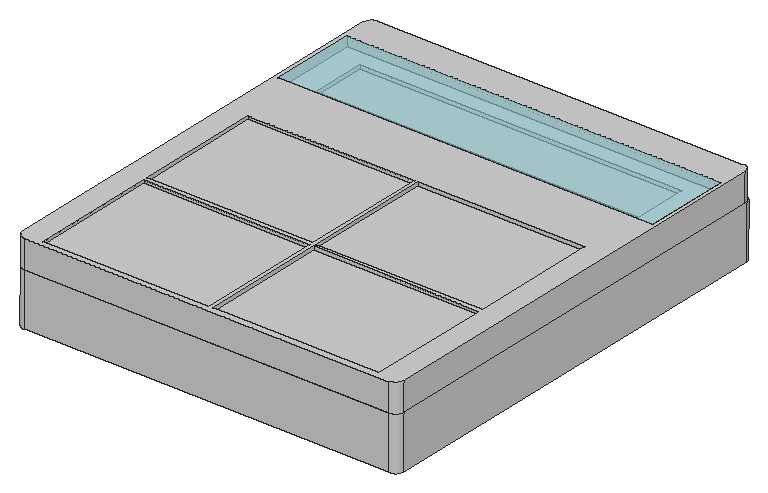
Revit family "Building-QuadriIEC309-GEWISS-68QDIN-QUADRI-PRESE-20MOD_4PRESE_IB_ORIZ", category Apparecchi elettrici, host Superficie, Revit 2019
Family settings
  Host = Superficie
  Mantenere orientamento annotazione = Sì
  Quota connettore circolare = Usa diametro
  Tipo di parte = Normale
  Taglio con vuoti quando caricato = No
  Condiviso = No
  Punto di calcolo locali = Sì
Parameters (values of type "GW68014N - Q-DIN 20M 4FLANGE PR.BL.OR.CBF IP65")
  visibilita posizionamento 2d [instance] = yes
  simbolo 2d [instance] = yes
  oggetto in pianta [instance] = not(visibilita posizionamento 2d)  # no
  distanza_simbolo [instance] = 0.1 mm
  bordo acceso [instance] = yes
  Visibilità sportello [instance] = yes
  Versione file RFA = "21.5"
  VETRO = Vetro
  URL = "https://www.gewiss.com/it/it"
  Tipologia di installazione = "Da parete"
  Tipo versione = "Vuoto"
  Termopressione con biglia = "70 °C"
  Temperatura di utilizzo = "-25 +40 °C"
  Temperatura di funzionamento = "-25 ÷ +40 °C"
  Spostamento_effettivo_S [instance] = 4000 mm - Spostamento_S  # 3000 mm
  Spostamento_S = 1000 mm
  Simbolo_quadro [instance] = not(simbolo 2d)  # no
  Scheda Tecnica = "https://www.gewiss.com/it/it/search?q=GW68014N"
  STRUTTURA ALTA = Poche
  STRUTTURA = RAL - 7035
  SEO = "Quadretto"
  Resistenza agli urti = "IK08"
  Default Elevation = 1219.2 mm
  Produttore = "GEWISS S.p.A."
  Potenza dissipabile B (W) = "92"
  Potenza dissipabile A (W) = "30"
  Per prese: = "Orizzontali CBF"
  PRESA = rosso
  POMELLO = bianco
  N. prese alloggiabili = "4 IB Orizz. 16/32 A CBF IP44"
  N. prese IB alloggiabili: = "4 IB Orizz. 16/32 A CBF IP44"
  N. mod. EN 50022 = "20"
  N. flange in dotazione = "2 IB 16/32 A"
  N. coperchi ciechi in dotazione = "2 IB 16/32 A"
  N. IEC 309/IB alloggiabili = "4 IB Orizz. 16/32 A CBF IP44"
  Modello = "GW68014N"
  Immagine tipo = GW68014N.jpg
  IDT = "90d6f30b-0b77-4e9c-bb41-47f43079aa94"
  IDF = "6d7a8f00-70f4-417a-94c1-695c300c42a1"
  Grado di protezione = "IP65"
  Glow Wire Test = "650°C"
  Descrizione = "Q-DIN 20M 4FLANGE PR.BL.OR.CBF IP65"
  Creato da GEWISS S.p.A. = ""
  ConformitÃ  normativa = "EN 60208 - EN 60670-1 - IEC 60670-24"
  Colore = "Grigio RAL 7035"
  Codice Electrocod = "2242"
  Codice EAN = "8011564744837"
  Classe isolamento = "II"
  Catalogo Serie = "68 QDIN"
  Catalogo = "BUILDING"
  COBie.Tagnumber = ""
  COBie.CreatedOn = ""
  COBie.CreatebBy = ""
  COBie.ComponentRegisterItemID = ""
  COBie.Component.TagNumber = ""
  COBie.Component.Space = ""
  COBie.Component.SerialNumber = ""
  COBie.Component.InstallationDate = ""
  COBie.Component.Description = ""
  COBie.Component.BarCode = ""
Reference planes
  plane 1 "Centro (Fronte/Retro)": y = 0
  plane 2: z = 0
  plane 3 "Centro (Sinistra/Destra)": x = 0
  plane 4: x = -3000
  plane 5: x = 0
Forms (mm)
  Extrusion 1, solid, detail levels coarse
    sketch origin (0, 0, 0) x (1, 0, 0) y (0, 1, 0)
      loop
        line (-225, 0) -> (225, 0) -> (225, 522) -> (-225, 522) -> (-225, 0)
    from 0 to 96
Lines and regions (mm)
  Masking region 1, visible <- "visibilita posizionamento 2d"
    outline origin (0, 0, 0) x (1, 0, 0) y (0, 0, 1)
      loop
        line (-160, 0) -> (160, 0) -> (160, 96) -> (-160, 96) -> (-160, 0)
Dimensions and locks
  plane 4 to plane 3 "Centro (Sinistra/Destra)" = 3000 mm
  "Spostamento_effettivo_S": plane 4 to plane 5
  aligned and locked: plane 2 to host face
  aligned and locked: level to host face
  aligned and locked: nested 1 to plane 5
  aligned and locked: nested 3 to plane 5
  aligned and locked: nested 2 to plane 5
  aligned and locked: plane 1 "Centro (Fronte/Retro)" to nested 2
  aligned and locked: Extrusion 1 sketch curve to nested 2  (x4)
  aligned and locked: Extrusion 1 to nested 2
Automatic sketch dimensions
  host sketch curve to host sketch curve = 2438.4 mm  (x2)
  Masking region 1 sketch curve to level = 0 mm
  Masking region 1 sketch curve to plane 3 "Centro (Sinistra/Destra)" = 160 mm
  plane 3 "Centro (Sinistra/Destra)" to Masking region 1 sketch curve = 160 mm
  Masking region 1 sketch curve to Masking region 1 sketch curve = 96 mm
Nested families
  nested 1: "CENTRALINO" at (0, 737.795, 0), BORDO ACCESO <- "bordo acceso", SIMBOLO ACCESO <- "simbolo 2d", Distanza dal muro <- "distanza_simbolo", visible <- "simbolo 2d", type "CENTRALINO"
    with SIMBOLO ACCESO yes, Distanza dal muro 0.1 mm, BORDO ACCESO yes
  nested 2: "68QDIN20 QUADRO DISTRIBUZ X 4 PRESE IND ORIZ_base" at (0, 360, 0), Visibilita sportello <- "Visibilità sportello", type "68QDIN20 QUADRO DISTRIBUZ X 4 PRESE IND ORIZ_base", detail levels medium+fine
  nested 3: "simb_CENTRALINO_BASE_cad pro" at (0, 737.795, 0), Distanza dal muro <- "distanza_simbolo", visible <- "Simbolo_quadro", SIMBOLO ACCESO <- "Simbolo_quadro", type "simb_CENTRALINO_BASE_cad pro"
    with SIMBOLO ACCESO no, Distanza dal muro 0.1 mm, BORDO ACCESO yes
Definition of nested family "68QDIN20 QUADRO DISTRIBUZ X 4 PRESE IND ORIZ_base"
  Parameters (values of type "68QDIN20 QUADRO DISTRIBUZ X 4 PRESE IND ORIZ_base")
    n_moduli = 105 mm
    h_moduli = 64 mm
    Visibilita sportello [instance] = yes
    Vetro = none
    Struttura = none
    Spessore = 96 mm
    Default Elevation = 14 mm
    Presa = none
    Larghezza = 450 mm
    IFC.TypeObject = ""
    IFC.ExportType = ""
    IFC.ExportAs = ""
    H_da terra = 589.057 mm
    COBie.CreatedOn = ""
    COBie.CreatebBy = ""
    COBie.ComponentRegisterItemID = ""
    COBie.Component.TagNumber = ""
    COBie.Component.Space = ""
    COBie.Component.SerialNumber = ""
    COBie.Component.InstallationDate = ""
    COBie.Component.Description = ""
    COBie.Component.BarCode = ""
    Altezza scatole = 350 mm
    Altezza quadro = 150 mm
    Altezza = 258 mm
  Reference planes
    plane 1 "Centro (Fronte/Retro)": y = 0
    plane 2: z = 0
    plane 3 "Centro (Sinistra/Destra)": x = 0
    plane 4: z = 69.589
    plane 5: z = 115.626
    plane 6: z = 63
    plane 7: x = -225
    plane 8: x = 225
    plane 9: x = -221
    plane 10: x = 221
    plane 11: y = 123.21
    plane 12: y = 21.246
    plane 13: y = 0
    plane 14: y = -201
    plane 15: y = -51
    plane 16: y = -360
    plane 17: y = 162
    plane 18: z = 58
    plane 19: y = 103
    plane 20: y = 39
    plane 21: x = -52.5
    plane 22: x = 52.5
    plane 23: z = 92.059
    plane 24: z = 96
    plane 25 "posizionamento moduli": z = 84.734
    plane 26: z = 80.558
    plane 27: y = 71
    plane 28: x = -198.2
    plane 29: x = 223.1
    plane 30: x = -2.25
    plane 31: y = -205.115
    plane 32: x = 2
    plane 33: x = 198.1
  Forms (mm)
    Extrusion 1, solid, material <- "Struttura"
      sketch origin (0, -857.311, 0) x (1, 0, 0) y (0, 1, 0)
        loop
          arc (-215, 1019.311) -> (-222.071, 1016.382) -> (-225, 1009.311) r 10
          line (-225, 1009.311) -> (-225, 507.311)
          arc (-225, 507.311) -> (-222.071, 500.24) -> (-215, 497.311) r 10
          line (-215, 497.311) -> (215, 497.311)
          arc (215, 497.311) -> (222.071, 500.24) -> (225, 507.311) r 10
          line (225, 507.311) -> (225, 1009.311)
          arc (225, 1009.311) -> (222.071, 1016.382) -> (215, 1019.311) r 10
          line (215, 1019.311) -> (-215, 1019.311)
      from 63 to 96
    Extrusion 2, solid, material <- "Struttura"
      sketch origin (0, -857.311, 0) x (1, 0, 0) y (0, 1, 0)
        loop
          line (217.45, 1019.311) -> (-221.38, 1019.311)
          arc (-221.38, 1019.311) -> (-223.94, 1018.251) -> (-225, 1015.691) r 3.62
          line (-225, 1015.691) -> (-225, 507.311)
          arc (-225, 507.311) -> (-222.071, 500.24) -> (-215, 497.311) r 10
          line (-215, 497.311) -> (215, 497.311)
          arc (215, 497.311) -> (222.071, 500.24) -> (225, 507.311) r 10
          line (225, 507.311) -> (225, 1011.76)
          arc (225, 1011.76) -> (222.789, 1017.099) -> (217.45, 1019.311) r 7.55
      from 0 to 63
    Extrusion 3, void
      sketch origin (0, -857.311, 0) x (1, 0, 0) y (0, 1, 0)
        loop
          line (-221, 980.52) -> (-221, 878.557) -> (221, 878.557) -> (221, 980.52) -> (-221, 980.52)
      from 69.589 to 96
    Extrusion 4, solid, material <- "Vetro", visible <- "Visibilita sportello", detail levels fine
      sketch origin (0, -857.311, 0) x (1, 0, 0) y (0, 1, 0)
        loop
          line (-221, 980.52) -> (-221, 878.557) -> (221, 878.557) -> (221, 980.52) -> (-221, 980.52)
      from 92.059 to 96
    Extrusion 5, void
      sketch origin (0, 0, 0) x (1, 0, 0) y (0, 1, 0)
        loop
          line (-52.5, 39) -> (52.5, 39) -> (52.5, 103) -> (-52.5, 103) -> (-52.5, 39)
      from 80.558 to 84.734
    Extrusion 6, solid
      sketch origin (0, 0, 0) x (1, 0, 0) y (0, 1, 0)
        loop
          line (-221, 123.21) -> (-221, 21.246) -> (221, 21.246) -> (221, 123.21) -> (-221, 123.21)
      from 80.558 to 84.734
    Extrusion 7, void
      sketch origin (0, 0, 84.734) x (0, -1, 0) y (1, 0, 0)
        loop
          line (51, -198.2) -> (201, -198.2) -> (201, -2.25) -> (51, -2.25) -> (51, -198.2)
        loop
          line (51, 2) -> (201, 2) -> (201, 198.1) -> (51, 198.1) -> (51, 2)
      from 7.325 to 11.266
    Extrusion 8, void
      sketch origin (0, -119.115, 84.734) x (0, -1, 0) y (1, 0, 0)
        loop
          line (86, -198.2) -> (234.832, -198.2) -> (234.832, -2.25) -> (86, -2.25) -> (86, -198.2)
        loop
          line (86, 2) -> (234.832, 2) -> (234.832, 198.1) -> (86, 198.1) -> (86, 2)
      from 7.325 to 11.266
  Cuts and joins
    Extrusion 3, Extrusion 7, Extrusion 8 cuts Extrusion 1
    Extrusion 5 cuts Extrusion 6
    Extrusion 5 cuts Extrusion 4
  Lines and regions (mm)
    model lines
      curve 1: line (-52.5, 71, 84.734) -> (52.5, 71, 84.734)
  Dimensions and locks
    plane 4 to plane 5 = 46.036 mm
    locked: plane 7 to plane 9 at 4
    locked: plane 10 to plane 8 at 4
    equal spacing: plane 7, plane 3 "Centro (Sinistra/Destra)", plane 8
    "Larghezza": plane 7 to plane 8
    plane 13 to plane 15 = 51 mm
    plane 1 "Centro (Fronte/Retro)" to plane 17 = 162 mm
    plane 16 to plane 13 = 360 mm
    plane 12 to plane 1 "Centro (Fronte/Retro)" = 21.246 mm
    plane 11 to plane 17 = 38.79 mm
    locked: plane 6 to plane 18 at 5
    locked: plane 17 to plane 19 at 59
    "h_moduli": plane 19 to plane 20
    equal spacing: plane 21, plane 3 "Centro (Sinistra/Destra)", plane 22
    "n_moduli": plane 21 to plane 22
    locked: plane 24 to plane 23 at 3.941
    plane 6 to plane 2 = 63 mm
    locked: plane 23 to plane 25 "posizionamento moduli" at 7.325
    locked: plane 25 "posizionamento moduli" to plane 26 at 4.176
    equal spacing: plane 19, plane 27, plane 20
    locked: plane 29 to plane 8 at 1.9
    plane 28 to plane 30 = 195.95 mm  (x2)
    plane 15 to plane 14 = 150 mm
    locked: plane 14 to plane 31 at 4.115
    locked: plane 3 "Centro (Sinistra/Destra)" to plane 32 at 2
    plane 16 to plane 17 = 522 mm
    locked: plane 7 to plane 28 at 26.8
    locked: plane 33 to plane 8 at 26.9
    cut or joined group of Extrusion 1, Extrusion 3, Extrusion 7, Extrusion 8 to cut or joined group of Extrusion 1, Extrusion 3, Extrusion 7, Extrusion 8 = 148.832 mm
    radius of Extrusion 2 sketch curve = 10 mm  (x2)
    radius of Extrusion 2 sketch curve = 3.62 mm
    radius of Extrusion 2 sketch curve = 7.55 mm
    radius of Extrusion 1 sketch curve = 10 mm  (x4)
    aligned and locked: level to plane 2
    aligned and locked: cut or joined group of Extrusion 1, Extrusion 3, Extrusion 7, Extrusion 8 to plane 4
    aligned and locked: Extrusion 2 sketch curve to plane 7
    aligned and locked: plane 8 to Extrusion 2 sketch curve
    aligned and locked: plane 8 to Extrusion 1 sketch curve
    aligned and locked: Extrusion 1 sketch curve to plane 7
    aligned and locked: Extrusion 4 sketch curve to plane 9
    aligned and locked: Extrusion 4 sketch curve to plane 10
    aligned and locked: Extrusion 3 sketch curve to plane 9
    aligned and locked: Extrusion 3 sketch curve to plane 10
    aligned and locked: Extrusion 4 sketch curve to plane 11
    aligned and locked: Extrusion 4 sketch curve to plane 12
    aligned and locked: Extrusion 3 sketch curve to plane 11
    aligned and locked: Extrusion 3 sketch curve to plane 12
    aligned and locked: plane 16 to Extrusion 2 sketch curve
    aligned and locked: plane 1 "Centro (Fronte/Retro)" to plane 13
    aligned and locked: plane 17 to Extrusion 1 sketch curve
    aligned and locked: Extrusion 5 sketch curve to plane 21
    aligned and locked: Extrusion 5 sketch curve to plane 19
    aligned and locked: Extrusion 5 sketch curve to plane 20
    aligned and locked: Extrusion 5 sketch curve to plane 22
    aligned and locked: plane 25 "posizionamento moduli" to Extrusion 5
    aligned and locked: Extrusion 5 to plane 26
    aligned and locked: Extrusion 6 sketch curve to plane 11
    aligned and locked: Extrusion 6 sketch curve to plane 12
    aligned and locked: Extrusion 6 to plane 26
    aligned and locked: plane 25 "posizionamento moduli" to Extrusion 6
    aligned and locked: Extrusion 6 sketch curve to Extrusion 4  (x2)
    aligned and locked: plane 27 to curve 1
    aligned and locked: plane 16 to Extrusion 1 sketch curve
    aligned and locked: Extrusion 2 sketch curve to plane 17
    aligned and locked: Extrusion 7 sketch curve to plane 15
    aligned and locked: Extrusion 7 sketch curve to plane 28
    aligned and locked: Extrusion 7 sketch curve to plane 30
    aligned and locked: Extrusion 1 to Extrusion 7
    aligned and locked: Extrusion 7 to plane 23
    aligned and locked: Extrusion 7 sketch curve to plane 14  (x2)
    aligned and locked: plane 32 to Extrusion 7 sketch curve
    aligned and locked: plane 33 to Extrusion 7 sketch curve
    aligned and locked: plane 33 to Extrusion 8 sketch curve
  Automatic sketch dimensions
    curve 1 to plane 21 = 0 mm
    curve 1 to plane 22 = 0 mm
    plane 15 to Extrusion 7 sketch curve = 0 mm
    Extrusion 8 sketch curve to plane 28 = 0 mm
    Extrusion 8 sketch curve to plane 31 = 0 mm  (x2)
    Extrusion 8 sketch curve to plane 32 = 0 mm
    Extrusion 8 sketch curve to plane 30 = 0 mm
    Extrusion 8 sketch curve to plane 16 = 6.053 mm  (x2)
Definition of nested family "CENTRALINO"
  Parameters (values of type "CENTRALINO")
    SIMBOLO ACCESO [instance] = yes
    Distanza dal muro [instance] = 0 mm
    BORDO ACCESO [instance] = yes
  Reference planes
    plane 1: y = 0
    plane 2: x = 0
  Dimensions and locks
    "Distanza dal muro": plane 1 to nested 1
    aligned and locked: plane 2 to nested 1
  Nested families
    nested 1: "CENTRALINO_BASE" at (0, 0, 0), BORDO ACCESO <- "BORDO ACCESO", visible <- "SIMBOLO ACCESO", type "CENTRALINO"
      with BORDO ACCESO yes
  Definition of nested family "CENTRALINO_BASE"
    Parameters (values of type "CENTRALINO")
      Distanza dal muro = 0 mm
      BORDO ACCESO [instance] = yes
    Reference planes
      plane 1: y = 0
      plane 2: x = 0
    Lines and regions (mm)
      detail lines, visible <- "BORDO ACCESO", not visible
        curve 1: line (-2.443, 10.208, 0) -> (2.057, 10.208, 0)
        curve 2: line (2.057, 10.208, 0) -> (2.057, 4.208, 0)
        curve 3: line (2.057, 4.208, 0) -> (-2.443, 4.208, 0)
        curve 4: line (-2.443, 4.208, 0) -> (-2.443, 10.208, 0)
        curve 5: line (-2.043, 9.808, 0) -> (1.657, 9.808, 0)
        curve 6: line (1.657, 9.808, 0) -> (1.657, 4.608, 0)
        curve 7: line (1.657, 4.608, 0) -> (-2.043, 4.608, 0)
        curve 8: line (-2.043, 4.608, 0) -> (-2.043, 9.808, 0)
      detail lines
        curve 9: line (0, 0.671, 0) -> (0, 0, 0)
        curve 10: line (0.659, 0.671, 0) -> (0.659, 1.33, 0)
        curve 11: line (0.659, 1.33, 0) -> (-0.659, 1.33, 0)
        curve 12: line (-0.659, 1.33, 0) -> (-0.659, 0.671, 0)
        curve 13: line (-0.659, 0.671, 0) -> (0.659, 0.671, 0)
        curve 14: line (0.497, 1.33, 0) -> (0.497, 2, 0)
        curve 15: line (0.167, 1.33, 0) -> (0.167, 2, 0)
        curve 16: line (-0.162, 1.33, 0) -> (-0.162, 2, 0)
        curve 17: line (-0.491, 1.33, 0) -> (-0.491, 2, 0)
Definition of nested family "simb_CENTRALINO_BASE_cad pro"
  Parameters (values of type "simb_CENTRALINO_BASE_cad pro")
    SIMBOLO ACCESO [instance] = yes
    Distanza dal muro [instance] = 0 mm
    BORDO ACCESO [instance] = yes
  Reference planes
    plane 1: y = 0
    plane 2: x = 0
  Dimensions and locks
    "Distanza dal muro": plane 1 to nested 1
    aligned and locked: plane 2 to nested 1
  Nested families
    nested 1: "CENTRALINO_BASE_cad pro" at (0, 0, 0), type "CENTRALINO"
  Definition of nested family "CENTRALINO_BASE_cad pro"
    Parameters (values of type "CENTRALINO")
      Distanza dal muro = 0 mm
    Reference planes
      plane 1: y = 0
      plane 2: x = 0
    Lines and regions (mm)
      detail lines
        curve 1: line (1.33, 1.33, 0) -> (2.109, 1.33, 0)
        curve 2: line (2.109, 1.33, 0) -> (2.109, 0, 0)
        curve 3: line (2.109, 0, 0) -> (1.33, 0, 0)
        curve 4: line (1.33, 0, 0) -> (-1.33, 1.33, 0)
        curve 5: line (-1.33, 1.33, 0) -> (1.33, 1.33, 0)
        curve 6: line (1.33, 1.33, 0) -> (1.33, 0, 0)
        curve 7: line (1.33, 0, 0) -> (-1.33, 0, 0)
        curve 8: line (-1.33, 0, 0) -> (-1.33, 1.33, 0)
        curve 9: line (1.461, 0.665, 0) -> (1.977, 0.665, 0)
        curve 10: line (1.719, 0.665, 0) -> (1.719, 1.01, 0)
        curve 11: arc (1.977, 0.406, 0) -> (1.719, 0.665, 0) -> (1.461, 0.406, 0) r 0.258
